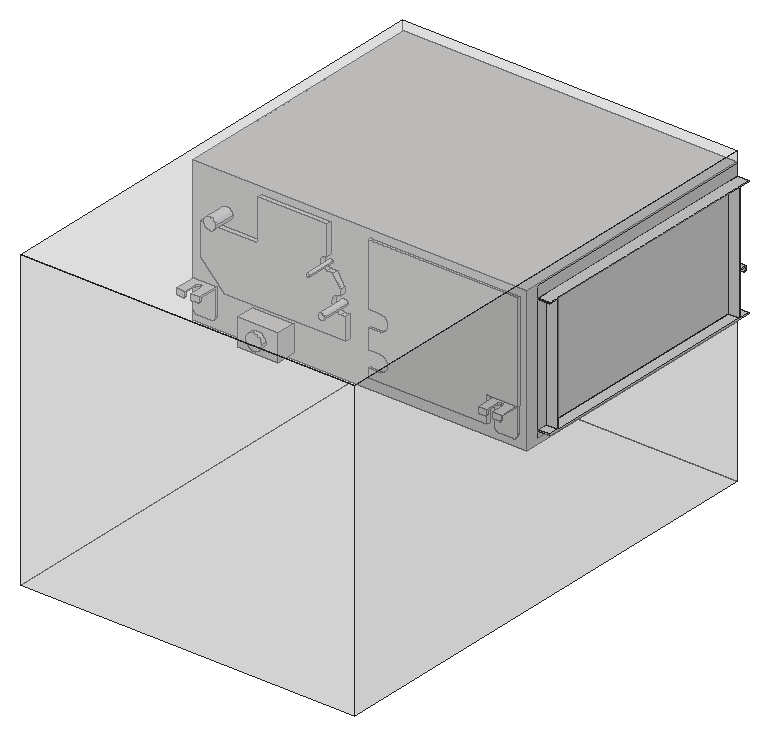
Revit family "outputfile", category 機械設備, Revit 2024
Family settings
  丸型コネクタ寸法 = 半径を使用
  パーツ タイプ = 標準
  OmniClass 番号 = 23.75.10.24.21.27.27
  OmniClass タイトル = Split System Air Conditioning Units
  作業面ベース = いいえ
  常に垂直 = はい
  ロード時にボイドで切り取り = いいえ
  注釈の向きを維持 = いいえ
  共有 = いいえ
  部屋計算ポイント = はい
Parameters (values of type "FXMQ20PAVS")
  Description = ""
  製造元 = "Daikin"
  書き出し IFC クラス(タイプ) = "IfcUnitaryEquipmentType"
  定義済み IFC タイプ(タイプ) = "AIRCONDITIONINGUNIT"
  Cost = 0
  モデル = "FXMQ20PAVS"
  Type Comments = ""
  Keynote = ""
  Type Image = (empty or 0)
  Assembly Code = ""
  r_Liquid Pipe Size = Liquid Pipe Size / 2  # 3.2 mm
  r_Gas Pipe Size = Gas Pipe Size / 2  # 6.35 mm
  r_Drain Pipe Size = Drain Pipe Size / 2  # 12.5 mm
  lw_power = 396.0 mm  # constant formula
  lh_SA = 165.0 mm  # constant formula
  lw_SA = if(Depth = 550.0 mm, 210.0 mm, if(Depth = 700.0 mm, 285.0 mm, if(Depth = 1000.0 mm, 435.0 mm, 635.0 mm)))  # 210.0 mm
  lw_RA = if(Depth = 550.0 mm, 288.0 mm, if(Depth = 700.0 mm, 363.0 mm, if(Depth = 1000.0 mm, 513.0 mm, 713.0 mm)))  # 288.0 mm
  lh_power = 60.0 mm + [h***]  # 60.0 mm
  lh_mountinghole1 = lh_mountinghole + [h***]  # 80.0 mm
  lh_RA = 150.0 mm  # constant formula
  ld_power = Depth / 2  # 275.0 mm
  Voltage_comment_50Hz = "220-240"
  Voltage_50Hz = 220 V
  URL = ""
  Supply Air Direction [instance] = yes
  Sound Power Level_H speed (dB) = 51
  Phase_50Hz = 1
  Minimum External Static Pressure = 30.00 Pa
  Minimum Circuit Amps_50Hz = 0.6 A
  Maximum Fuse Amps_50Hz = 16.0 A
  Maximum External Static Pressure = 100.00 Pa
  Material_Casing = DAIKIN_GalvanizedSteel_Casing_indoorunit
  lw_mountinghole = 631.0 mm  # constant formula
  lh_gaspipe = 144.0 mm + [h***]  # 144.0 mm
  lh_mountinghole = 80.0 mm  # constant formula
  lh_liquidpipe = 212.0 mm + [h***]  # 212.0 mm
  lh_drainpipe = 232.0 mm + [h***]  # 232.0 mm
  lh_antena = Height - lh_mountinghole + 1.0 mm  # 221.0 mm
  ld_drainpipe = Depth / 2 + 54.0 mm  # 329.0 mm
  ld_liquidpipe = 335.0 mm
  ld_gaspipe = 335.0 mm
  ld_mountinghole = Depth + 38.0 mm  # 588.0 mm
  h*** = 0.0 mm  # constant formula
  lw_liquidpipe = 290.0 mm  # constant formula
  lw_gaspipe = 318.0 mm  # constant formula
  lw_drainpipe = 80.0 mm  # constant formula
  Width = 700.0 mm
  Version = "ver.1.0"
  Unit Type = "Middle-High Static Pressure Duct Type"
  Unit Mass Weight = 25.00 kg
  Unit Designation [instance] = ""
  Uniclass2015Version = "Products v1.30"
  Uniclass2015Title = "Variable refrigerant flow units"
  Uniclass2015Code = "Pr_70_65_03_94"
  Total Heating Capacity [instance] = 0.000 kW
  Total Cooling Capacity [instance] = 0.000 kW
  Sound Pressure Level_M speed (dBA) = 0
  Sound Pressure Level_L speed (dBA) = 29
  Sound Pressure Level_H speed (dBA) = 33
  Series = "VRV Fan Coil Unit"
  Sensible Cooling Capacity [instance] = 0.000 kW
  SA Duct Size Width = if(Depth = 550.0 mm, 310.0 mm, if(Depth = 700.0 mm, 460.0 mm, if(Depth = 1000.0 mm, 760.0 mm, 1160.0 mm)))  # 310.0 mm
  SA Duct Size Height = 215.0 mm
  Refrigerant Type = "R410A"
  RA Duct Size Width = if(Depth = 550.0 mm, 475.0 mm, if(Depth = 700.0 mm, 625.0 mm, if(Depth = 1000.0 mm, 925.0 mm, 1325.0 mm)))  # 475.0 mm
  RA Duct Size Height = 247.0 mm
  Power Input (Heating) = 0.069 kW
  Power Input (Cooling) = 0.081 kW
  Option Accessory 3 [instance] = ""
  Option Accessory 2 [instance] = ""
  Option Accessory 1 [instance] = ""
  Nominal Heating Capacity = 2.500 kW
  Nominal Cooling Capacity = 2.200 kW
  Minimum Airflow = 390.00 m³/h
  Median Airflow = 450.00 m³/h
  Maximum Airflow = 540.00 m³/h
  Load Classification = HVAC
  Liquid Pipe Size = 6.4 mm
  Link_Nested Family [instance] = ""
  IfcVersion = "0"
  IfcExportType = "AIRCONDITIONINGUNIT"
  IfcExportAs = "IfcUnitaryEquipmentType"
  Height = 300.0 mm
  Heating Entering Wet Bulb Temperature [instance] = 0.00 °C
  Heating Entering Dry Bulb Temperature [instance] = 0.00 °C
  Heating Ambient Wet Bulb Temperature [instance] = 0.00 °C
  Heating Ambient Dry Bulb Temperature [instance] = 0.00 °C
  Heat Exchanger Type = "Cross Fin Coil"
  Gas Pipe Size = 12.7 mm
  Frequency_50Hz = 50 Hz
  Fan Type = "Sirocco Fan"
  Fan Drive = "Direct Drive"
  FCU Tag No. [instance] = ""
  Drain Pipe Size = 25.0 mm
  Design Supply Airflow [instance] = 0.00 m³/h
  Design Return Airflow [instance] = 0.00 m³/h
  Design External Static Pressure [instance] = 0.00 Pa
  Depth = 550.0 mm
  既定の高さ = 0.0 mm
  Cooling Entering Wet Bulb Temperature [instance] = 0.00 °C
  Cooling Entering Dry Bulb Temperature [instance] = 0.00 °C
  Cooling Ambient Wet Bulb Temperature [instance] = 0.00 °C
  Cooling Ambient Dry Bulb Temperature [instance] = 0.00 °C
  Clearance visibility [instance] = yes
  Clearance Top = 20.0 mm
  Clearance Right = 0.0 mm
  Clearance Rear = 0.0 mm
  Clearance Left = 0.0 mm
  Clearance Front = 450.0 mm
  Clearance Bottom = 300.0 mm
Reference planes
  plane 1 "Center (Front/Back)": y = 0
  plane 2 "h": z = 0
  plane 3 "Center (Left/Right)": x = 0
  plane 4 "Back": y = 275
  plane 5 "Front": y = -275
  plane 6 "Left": x = -350
  plane 7 "Reight": x = 350
  plane 8 "Top": z = 0
  plane 9 "Bottom": z = -300
  plane 10: y = -215
  plane 11: y = 275
  plane 12: y = -725
  plane 13: x = -350
  plane 14: x = 350
  plane 15: z = 20
  plane 16: z = -600
  plane 17: x = -350
  plane 18: z = -135
  plane 19: x = -349
  plane 20: x = 349
  plane 21: y = 65
  plane 22: y = 13
  plane 23: z = -150
  plane 24: y = -285.8
  plane 25: z = -14
  plane 26: z = -219
  plane 27: x = -324
  plane 28: x = -60
  plane 29: x = -20
  plane 30: z = -156
  plane 31: x = -32
  plane 32: z = -88
  plane 33: x = 23
  plane 34: x = 335
  plane 35: z = -15.8
  plane 36: z = -274.8
  plane 37: z = -219.8
  plane 38: x = 271
  plane 39: x = -223.3
  plane 40: x = -138.3
  plane 41: z = -232.7
  plane 42: z = -288.5
  plane 43: y = -316
  plane 44: x = -181
  plane 45: z = -260
  plane 46: y = -326
  plane 47: z = -163.8
  plane 48: z = -239.8
  plane 49: x = 46
  plane 50: z = -88
  plane 51: x = -60
  plane 52: y = -335
  plane 53: z = -156
  plane 54: x = -32
  plane 55: y = -329
  plane 56: z = -68
  plane 57: x = -270
  plane 58: x = -270
  plane 59: x = -60
  plane 60: x = -32
  plane 61: x = 46
  plane 62: x = -323
  plane 63: x = 308
  plane 64: y = -294
  plane 65: y = 294
  plane 66: z = -220
  plane 67: y = -281
  plane 68: x = -204
  plane 69: z = -100.2
  plane 70: x = -374
  plane 71: x = 374
Forms (mm)
  Extrusion 1, solid, material "DAIKIN_GalvanizedSteel_Casing_indoorunit" <- "Material_Casing"
    sketch origin (0, 0, 0) x (1, 0, 0) y (0, 1, 0)
      loop
        line (-349, 275) -> (-349, -275) -> (349, -275) -> (349, 275) -> (-349, 275)
    from -300 to 0
  Extrusion 2, solid, material "DAIKIN_GalvanizedSteel_Casing_indoorunit" <- "Material_Casing"
    sketch origin (0, 0, 0) x (1, 0, 0) y (0, 0, 1)
      loop
        line (-324, -100.2) -> (-324, -168) -> (-273, -219) -> (-20, -219) -> (-20, -173.5) -> (-32, -173.5)
        arc (-32, -173.5) -> (-49.5, -156) -> (-32, -138.5) r 17.5
        line (-32, -138.5) -> (-32, -127.5) -> (-47, -101) -> (-60, -101)
        arc (-60, -101) -> (-73, -88) -> (-60, -75) r 13
        line (-60, -75) -> (-60, -14) -> (-204, -14) -> (-204, -100.2) -> (-324, -100.2)
    from 275 to 285.8
  Extrusion 3, solid, material "DAIKIN_GalvanizedSteel_Casing_indoorunit" <- "Material_Casing"
    sketch origin (0, 0, 0) x (1, 0, 0) y (0, 0, 1)
      loop
        line (23, -274.8) -> (271, -274.8) -> (271, -219.8) -> (335, -219.8) -> (335, -15.8) -> (23, -15.8) -> (23, -146.3) -> (46, -146.3)
        arc (46, -146.3) -> (63.5, -163.8) -> (46, -181.3) r 17.5
        line (46, -181.3) -> (23, -181.3) -> (23, -222.3) -> (46, -222.3)
        arc (46, -222.3) -> (63.5, -239.8) -> (46, -257.3) r 17.5
        line (46, -257.3) -> (23, -257.3) -> (23, -274.8)
    from 275 to 281
  Extrusion 4, solid, material "DAIKIN_GalvanizedSteel_Casing_indoorunit" <- "Material_Casing"
    sketch origin (0, 0, 0) x (1, 0, 0) y (0, 0, 1)
      loop
        line (-223.3, -232.7) -> (-223.3, -288.5) -> (-138.3, -288.5) -> (-138.3, -232.7) -> (-223.3, -232.7)
    from 275 to 316
  Extrusion 5, solid, material "DAIKIN_GalvanizedSteel_Casing_indoorunit" <- "Material_Casing"
    sketch origin (0, 0, 0) x (1, 0, 0) y (0, 0, 1)
      loop
        circle (-181, -260) r 16.5
    from 316 to 326
  Extrusion 6, solid
    sketch origin (0, 0, 0) x (1, 0, 0) y (0, 0, 1)
      loop
        circle (-60, -88) r 3.2
    from 275 to 335
  Extrusion 7, solid
    sketch origin (0, 0, 0) x (1, 0, 0) y (0, 0, 1)
      loop
        circle (-32, -156) r 6.35
    from 275 to 335
  Extrusion 8, solid
    sketch origin (0, 0, 0) x (1, 0, 0) y (0, 0, 1)
      loop
        circle (-270, -68) r 12.5
    from 285.8 to 329
Dimensions and locks
  "Height": plane 8 "Top" to plane 9 "Bottom"
  equal spacing: plane 4 "Back", plane 1 "Center (Front/Back)", plane 5 "Front"
  "Depth": plane 4 "Back" to plane 5 "Front"
  equal spacing: plane 6 "Left", plane 3 "Center (Left/Right)", plane 7 "Reight"
  "Width": plane 6 "Left" to plane 7 "Reight"
  "Clearance Left": plane 13 to plane 6 "Left"
  "Clearance Right": plane 7 "Reight" to plane 14
  "Clearance Rear": plane 11 to plane 4 "Back"
  "Clearance Front": plane 5 "Front" to plane 12
  "Clearance Top": plane 15 to plane 8 "Top"
  "Clearance Bottom": plane 9 "Bottom" to plane 16
  "lh_SA": plane 18 to plane 9 "Bottom"
  locked: plane 17 to plane 19 at 1
  locked: plane 20 to plane 14 at 1
  "lw_SA": plane 11 to plane 21
  "lw_RA": plane 22 to plane 5 "Front"
  "lh_RA": plane 23 to plane 9 "Bottom"
  locked: plane 5 "Front" to plane 24 at 10.8
  plane 29 to plane 28 to plane 27 to plane 6 "Left" = 40.0 mm, 264.0 mm, 26.0 mm
  locked: plane 31 to plane 6 "Left" at 318
  plane 34 to plane 33 to plane 6 "Left" = 312.0 mm locked, 373.0 mm locked
  locked: plane 34 to plane 38 at 64
  locked: plane 37 to plane 36 at 55
  plane 40 to plane 39 to plane 6 "Left" = 85.0 mm locked, 126.7 mm locked
  locked: plane 5 "Front" to plane 43 at 41
  locked: plane 44 to plane 6 "Left" at 169
  locked: plane 43 to plane 46 at 10
  plane 47 to plane 48 to plane 36 = 76.0 mm locked, 35.0 mm locked
  locked: plane 49 to plane 33 at 23
  "lw_liquidpipe": plane 51 to plane 6 "Left"
  "lh_liquidpipe": plane 50 to plane 9 "Bottom"
  "lh_gaspipe": plane 53 to plane 9 "Bottom"
  "lw_gaspipe": plane 54 to plane 6 "Left"
  "ld_gaspipe": plane 52 to plane 1 "Center (Front/Back)"
  "ld_drainpipe": plane 55 to plane 1 "Center (Front/Back)"
  "lh_drainpipe": plane 56 to plane 9 "Bottom"
  "lw_drainpipe": plane 57 to plane 6 "Left"
  "lw_drainpipe": plane 6 "Left" to plane 58
  "lw_liquidpipe": plane 6 "Left" to plane 59
  "lw_gaspipe": plane 6 "Left" to plane 60
  "lw_power": plane 6 "Left" to plane 61
  plane 17 to plane 62 = 27.0 mm
  "lw_mountinghole": plane 62 to plane 63
  equal spacing: plane 64, plane 1 "Center (Front/Back)", plane 65
  "ld_mountinghole": plane 65 to plane 64
  "lh_mountinghole": plane 66 to plane 9 "Bottom"
  plane 8 "Top" to plane 41 to plane 42 = 232.7 mm locked, 55.8 mm locked
  locked: plane 8 "Top" to plane 45 at 260
  plane 8 "Top" to plane 25 to plane 26 = 14.0 mm locked, 205.0 mm locked
  plane 8 "Top" to plane 32 to plane 30 = 88.0 mm locked, 68.0 mm locked
  plane 8 "Top" to plane 35 to plane 36 = 15.8 mm locked, 259.0 mm locked
  locked: plane 5 "Front" to plane 67 at 6
  locked: plane 25 to plane 69 at 86.2
  locked: plane 27 to plane 68 at 120
  locked: plane 70 to plane 6 "Left" at 24
  locked: plane 14 to plane 71 at 24
  "r_Liquid Pipe Size": radius of Extrusion 6 sketch curve
  "r_Gas Pipe Size": radius of Extrusion 7 sketch curve
  "r_Drain Pipe Size": radius of Extrusion 8 sketch curve
  aligned and locked: level to plane 2 "h"
  aligned and locked: plane 8 "Top" to Extrusion 1
  aligned and locked: Extrusion 1 to plane 9 "Bottom"
  aligned and locked: nested 5 to plane 12
  aligned and locked: plane 13 to nested 5
  aligned and locked: plane 14 to nested 5
  aligned and locked: nested 5 to plane 13
  aligned and locked: plane 11 to nested 5
  aligned and locked: plane 15 to nested 5
  aligned and locked: plane 16 to nested 5
  aligned and locked: plane 5 "Front" to Extrusion 1 sketch curve
  aligned and locked: Extrusion 1 to plane 19
  aligned and locked: plane 20 to Extrusion 1
  aligned and locked: nested 7 to plane 19
  aligned and locked: nested 7 to plane 21
  aligned and locked: plane 18 to nested 7
  aligned and locked: plane 20 to nested 8
  aligned and locked: plane 22 to nested 8
  aligned and locked: plane 23 to nested 8
  aligned and locked: Extrusion 2 to plane 24
  aligned and locked: plane 5 "Front" to Extrusion 2
  aligned and locked: plane 36 to Extrusion 3 sketch curve
  aligned and locked: plane 38 to Extrusion 3 sketch curve
  aligned and locked: plane 37 to Extrusion 3 sketch curve
  aligned and locked: Extrusion 3 sketch curve to plane 34
  aligned and locked: Extrusion 3 sketch curve to plane 35
  aligned and locked: Extrusion 3 sketch curve to plane 33
  aligned and locked: plane 5 "Front" to Extrusion 3
  aligned and locked: Extrusion 4 sketch curve to plane 41
  aligned and locked: Extrusion 4 sketch curve to plane 39
  aligned and locked: plane 42 to Extrusion 4 sketch curve
  aligned and locked: plane 40 to Extrusion 4 sketch curve
  aligned and locked: Extrusion 4 to plane 43
  aligned and locked: plane 5 "Front" to Extrusion 4
  aligned and locked: Extrusion 5 sketch curve to plane 44
  aligned and locked: plane 45 to Extrusion 5 sketch curve
  aligned and locked: Extrusion 5 to plane 46
  aligned and locked: plane 43 to Extrusion 5
  aligned and locked: Extrusion 6 sketch curve to plane 51
  aligned and locked: plane 50 to Extrusion 6 sketch curve
  aligned and locked: Extrusion 6 to plane 52
  aligned and locked: plane 5 "Front" to Extrusion 6
  aligned and locked: Extrusion 7 sketch curve to plane 54
  aligned and locked: plane 53 to Extrusion 7 sketch curve
  aligned and locked: Extrusion 7 to Extrusion 6
  aligned and locked: plane 5 "Front" to Extrusion 7
  aligned and locked: Extrusion 8 sketch curve to plane 57
  aligned and locked: plane 56 to Extrusion 8 sketch curve
  aligned and locked: Extrusion 8 to plane 55
  aligned and locked: plane 24 to Extrusion 8
  aligned and locked: nested 3 to plane 55
  aligned and locked: plane 58 to nested 3
  aligned and locked: nested 2 to plane 59
  aligned and locked: nested 2 to plane 52
  aligned and locked: nested 1 to plane 60
  aligned and locked: Extrusion 7 to plane 52
  aligned and locked: nested 1 to plane 52
  aligned and locked: nested 6 to plane 5 "Front"
  aligned and locked: plane 61 to nested 6
  aligned and locked: plane 62 to nested 10
  aligned and locked: nested 10 to plane 5 "Front"
  aligned and locked: plane 63 to nested 9
  aligned and locked: nested 9 to plane 5 "Front"
  aligned and locked: nested 11 to plane 62
  aligned and locked: plane 4 "Back" to nested 11
  aligned and locked: nested 12 to plane 63
  aligned and locked: plane 4 "Back" to nested 12
  aligned and locked: plane 66 to nested 10
  aligned and locked: plane 66 to nested 11
  aligned and locked: plane 66 to nested 9
  aligned and locked: plane 66 to nested 12
  aligned and locked: plane 62 to nested 14
  aligned and locked: nested 14 to plane 65
  aligned and locked: plane 63 to nested 13
  aligned and locked: nested 13 to plane 65
  aligned and locked: plane 63 to nested 16
  aligned and locked: plane 64 to nested 16
  aligned and locked: plane 64 to nested 15
  aligned and locked: plane 62 to nested 15
  aligned and locked: Extrusion 3 to plane 67
  aligned and locked: Extrusion 2 sketch curve to plane 68
  aligned and locked: plane 69 to Extrusion 2 sketch curve
  aligned and locked: nested 17 to plane 21
  aligned and locked: nested 17 to plane 70
  aligned and locked: plane 18 to nested 17
  aligned and locked: plane 22 to nested 18
  aligned and locked: plane 71 to nested 18
  aligned and locked: nested 18 to plane 23
  aligned and locked: nested 4 to plane 3 "Center (Left/Right)"
  aligned and locked: plane 1 "Center (Front/Back)" to nested 4
  aligned and locked: level to plane 8 "Top"
Automatic sketch dimensions
  plane 6 "Left" to Extrusion 1 sketch curve = 1.0 mm
  Extrusion 1 sketch curve to plane 7 "Reight" = 1.0 mm
  Extrusion 1 sketch curve to plane 4 "Back" = 0.0 mm
  Extrusion 3 sketch curve to plane 33 = 0.0 mm  (x2)
  Extrusion 3 sketch curve to plane 47 = 0.0 mm
  Extrusion 3 sketch curve to plane 49 = 0.0 mm  (x4)
  Extrusion 3 sketch curve to plane 48 = 0.0 mm
  Extrusion 3 sketch curve to plane 37 = 2.5 mm
  plane 23 to Extrusion 3 sketch curve = 3.7 mm
  plane 27 to Extrusion 2 sketch curve = 0.0 mm
  Extrusion 2 sketch curve to plane 26 = 0.0 mm
  Extrusion 2 sketch curve to plane 28 = 0.0 mm
  Extrusion 2 sketch curve to plane 31 = 0.0 mm
  Extrusion 2 sketch curve to plane 29 = 0.0 mm
  Extrusion 2 sketch curve to plane 30 = 0.0 mm
  Extrusion 2 sketch curve to plane 32 = 0.0 mm
  Extrusion 2 sketch curve to plane 25 = 0.0 mm
  Extrusion 2 sketch curve to Extrusion 2 sketch curve = 13.0 mm
  Extrusion 2 sketch curve to Extrusion 2 sketch curve = 17.5 mm
  plane 18 to Extrusion 2 sketch curve = 7.5 mm
  Extrusion 2 sketch curve to plane 58 = 3.0 mm
  Extrusion 2 sketch curve to plane 30 = 12.0 mm
  Extrusion 2 sketch curve to Extrusion 2 sketch curve = 0.8 mm
  radius of Extrusion 5 sketch curve = 16.5 mm
Nested families
  nested 1: "daikin_connector_rotate2" at (-32, 0, -156), length <- "ld_gaspipe", built-in parameter 1001364 <- "lh_gaspipe", radius <- "r_Gas Pipe Size", type "daikin_connector_rotate2"
    with radius 6.35 mm, length 335.0 mm, angle_vertical 90.00°
  nested 2: "daikin_connector_rotate2" at (-60, 0, -88), length <- "ld_liquidpipe", built-in parameter 1001364 <- "lh_liquidpipe", radius <- "r_Liquid Pipe Size", type "daikin_connector_rotate2"
    with radius 3.2 mm, length 335.0 mm, angle_vertical 90.00°
  nested 3: "daikin_connector_rotate2" at (-270, 0, -68), length <- "ld_drainpipe", built-in parameter 1001364 <- "lh_drainpipe", radius <- "r_Drain Pipe Size", type "daikin_connector_rotate2"
    with radius 12.5 mm, length 329.0 mm, angle_vertical 90.00°
  nested 4: "daikin_△_symbolicline" at (0, 0, 300) x (0, -1, 0) z (0, 0, 1), built-in parameter 1001364 <- "Height", visible <- "Supply Air Direction", type "daikin_△_symbolicline"
    with length 200.0 mm
  nested 5: "daikin_clearancespace" at (0, -225, -289.881), visible <- "Clearance visibility", show <- "Clearance visibility", Link_Nested Family <- "Link_Nested Family", type "daikin_clearancespace"
    with width 700.0 mm, show yes, height 620.0 mm, depth 1000.0 mm, Link_Nested Family ""
  nested 6: "daikin_connector_rotate2" at (46, 0, -240), built-in parameter 1001364 <- "lh_power", length <- "ld_power", type "daikin_connector_rotate2"
    with radius 10.0 mm, length 275.0 mm, angle_vertical 90.00°
  nested 7: "daikin_ductflange_FXMQ-PAVS2" at (-349, 65, -135) x (0, -1, 0) z (0, 0, 1), type "daikin_ductflange_FXMQ-PAVS2"
  nested 8: "daikin_ductflange_FXMQ-PAVS" at (349, 13, -150) x (0, 1, 0) z (0, 0, 1), type "daikin_ductflange_FXMQ-PAVS"
  nested 9: "daikin_hangerfixture_FXMQ-PAVS" at (308, -275, -220), type "daikin_hangerfixture_FXMQ-PAVS"
  nested 10: "daikin_hangerfixture_FXMQ-PAVS" at (-323, -275, -220), type "daikin_hangerfixture_FXMQ-PAVS"
  nested 11: "daikin_hangerfixture_FXMQ-PAVS" at (-323, 275, -220) x (-1, 0, 0) z (0, 0, 1), type "daikin_hangerfixture_FXMQ-PAVS"
  nested 12: "daikin_hangerfixture_FXMQ-PAVS" at (308, 275, -220) x (-1, 0, 0) z (0, 0, 1), type "daikin_hangerfixture_FXMQ-PAVS"
  nested 13: "daikin_mountinghole" at (308, 294, -300), h_mountinghole <- "lh_mountinghole1", l_antenna <- "lh_antena", Link_Nested Family <- "Link_Nested Family", type "daikin_mountinghole"
    with show yes, l_antenna 221.0 mm, h_mountinghole 80.0 mm, Link_Nested Family ""
  nested 14: "daikin_mountinghole" at (-323, 294, -300), h_mountinghole <- "lh_mountinghole1", l_antenna <- "lh_antena", Link_Nested Family <- "Link_Nested Family", type "daikin_mountinghole"
    with show yes, l_antenna 221.0 mm, h_mountinghole 80.0 mm, Link_Nested Family ""
  nested 15: "daikin_mountinghole" at (-323, -294, -300), h_mountinghole <- "lh_mountinghole1", l_antenna <- "lh_antena", Link_Nested Family <- "Link_Nested Family", type "daikin_mountinghole"
    with show yes, l_antenna 221.0 mm, h_mountinghole 80.0 mm, Link_Nested Family ""
  nested 16: "daikin_mountinghole" at (308, -294, -300), h_mountinghole <- "lh_mountinghole1", l_antenna <- "lh_antena", Link_Nested Family <- "Link_Nested Family", type "daikin_mountinghole"
    with show yes, l_antenna 221.0 mm, h_mountinghole 80.0 mm, Link_Nested Family ""
  nested 17: "daikin_connector_rotate2" at (-350, 65, -135) x (0, -1, 0) z (0, 0, 1), type "daikin_connector_rotate2"
    with radius 10.0 mm, length 24.0 mm, angle_vertical 90.00°
  nested 18: "daikin_connector_rotate2" at (350, 13, -150) x (0, 1, 0) z (0, 0, 1), type "daikin_connector_rotate2"
    with radius 10.0 mm, length 24.0 mm, angle_vertical 90.00°
Connectors
  piping at (-270, -329, -68), diameter 25, driven by "r_Drain Pipe Size"
    settings: on nested 3, index 3, connector inside diameter 609.6 mm, connector length 0.0 mm, flow factor 0, pipe flow 0.00 m³/h, pressure drop 0.0 Pa, fitting loss kfactor 0, connector angle 0.00°, fixture units 0, engagement length 0.0 mm, angle of deflection 0.00°, flow configuration 1, flow direction 2, fitting loss method 4, system type 16, joint type 0, gender type 0, connector reference index -1, connector utility 0, adjustable connector no, is connector primary yes, connector description "Condensate Drain Piping"
  piping at (-32, -335, -156), diameter 12.7, driven by "r_Gas Pipe Size"
    settings: on nested 1, index 4, connector inside diameter 609.6 mm, connector length 0.0 mm, flow factor 0, pipe flow 0.00 m³/h, pressure drop 0.0 Pa, fitting loss kfactor 0, connector angle 0.00°, fixture units 0, engagement length 0.0 mm, angle of deflection 0.00°, flow configuration 1, flow direction 2, fitting loss method 0, system type 29, joint type 0, gender type 0, connector reference index -1, connector utility 0, adjustable connector no, is connector primary no, connector description "Refrigerant Gas Piping"
  piping at (-60, -335, -88), diameter 6.4, driven by "r_Liquid Pipe Size"
    settings: on nested 2, index 5, connector inside diameter 609.6 mm, connector length 0.0 mm, flow factor 0, pipe flow 0.00 m³/h, pressure drop 0.0 Pa, fitting loss kfactor 0, connector angle 0.00°, fixture units 0, engagement length 0.0 mm, angle of deflection 0.00°, flow configuration 1, flow direction 1, fitting loss method 0, system type 29, joint type 0, gender type 0, connector reference index -1, connector utility 0, adjustable connector no, is connector primary no, connector description "Refrigerant Liquid Piping"
  electrical at (46, -275, -240), driven by "Load Classification"
    settings: on nested 6, index 6, voltage 0 V, apparent load 0 VA, apparent load phase1 0 VA, apparent load phase2 0 VA, apparent load phase3 0 VA, power factor 1, load classification "HVAC", number of poles 1, system type 30, power factor state 1, is connector primary yes, connector utility no, sub classification motor no, connector description "Power Supply"
  hvac at (-374, 65, -135), driven by "SA Duct Size Height", driven by "SA Duct Size Width"
    settings: on nested 17, index 7, duct flow 0.00 m³/h, flow factor 0, pres drop 0.00 Pa, loss coef 0, conn angle 0.00°, conn width 310.0 mm, conn height 215.0 mm, conn diameter 609.6 mm, duct sys type 1, conn prof type 1, flow config 0, flow direction 2, loss method 4, conn ref index -1, conn util no, is conn primary yes, conn desc "SA Duct"
  hvac at (374, 13, -150), driven by "RA Duct Size Height", driven by "RA Duct Size Width"
    settings: on nested 18, index 8, duct flow 0.00 m³/h, flow factor 0, pres drop 0.00 Pa, loss coef 0, conn angle 0.00°, conn width 475.0 mm, conn height 247.0 mm, conn diameter 609.6 mm, duct sys type 2, conn prof type 1, flow config 0, flow direction 1, loss method 4, conn ref index -1, conn util no, is conn primary no, conn desc "RA Duct"
Definition of nested family "daikin_clearancespace"
  Parameters (values of type "daikin_clearancespace")
    width [instance] = 1823.963 mm
    show [instance] = yes
    material = none
    height [instance] = 1359.762 mm
    depth [instance] = 880.0 mm
    Default Elevation = 0.0 mm
    Link_Nested Family [instance] = ""
  Reference planes
    plane 1 "Center (Front/Back)": y = 0
    plane 2 "Center (Elevation)": z = -0.119
    plane 3 "Center (Left/Right)": x = 0
    plane 4: y = 440
    plane 5: y = -440
    plane 6 "Right": x = 911.982
    plane 7 "Left": x = -911.982
    plane 8 "Top": z = 679.762
    plane 9 "Bottom": z = -680
  Forms (mm)
    Extrusion 1, solid, material <- "material", visible <- "show"
      sketch origin (0, 0, 0) x (1, 0, 0) y (0, 1, 0)
        loop
          line (-911.982, 440) -> (-911.982, -440) -> (911.982, -440) -> (911.982, 440) -> (-911.982, 440)
      from -680 to 679.762
  Lines and regions (mm)
    symbolic lines, visible <- "show"
      curve 1: line (911.982, 440, 0) -> (-911.982, 440, 0)
      curve 2: line (-911.982, 440, 0) -> (-911.982, -440, 0)
      curve 3: line (-911.982, -440, 0) -> (911.982, -440, 0)
      curve 4: line (911.982, -440, 0) -> (911.982, 440, 0)
      curve 5: line (911.982, 0, 679.762) -> (-911.982, 0, 679.762)
      curve 6: line (911.982, 0, -680) -> (911.982, 0, 679.762)
      curve 7: line (-911.982, 0, -680) -> (911.982, 0, -680)
      curve 8: line (-911.982, 0, 679.762) -> (-911.982, 0, -680)
      curve 9: line (0, 440, 679.762) -> (0, -440, 679.762)
      curve 10: line (0, -440, 679.762) -> (0, -440, -680)
      curve 11: line (0, 440, -680) -> (0, 440, 679.762)
      curve 12: line (0, -440, -680) -> (0, 440, -680)
  Dimensions and locks
    "width": plane 7 "Left" to plane 6 "Right"
    "depth": plane 4 to plane 5
    "height": plane 8 "Top" to plane 9 "Bottom"
    equal spacing: plane 7 "Left", plane 3 "Center (Left/Right)", plane 6 "Right"
    equal spacing: plane 4, plane 1 "Center (Front/Back)", plane 5
    equal spacing: plane 8 "Top", plane 2 "Center (Elevation)", plane 9 "Bottom"
    aligned and locked: level to plane 2 "Center (Elevation)"
    aligned and locked: Extrusion 1 sketch curve to plane 4
    aligned and locked: plane 7 "Left" to Extrusion 1 sketch curve
    aligned and locked: Extrusion 1 sketch curve to plane 5
    aligned and locked: Extrusion 1 sketch curve to plane 6 "Right"
    aligned and locked: plane 8 "Top" to Extrusion 1
    aligned and locked: curve 1 to Extrusion 1
    aligned and locked: curve 2 to Extrusion 1
    aligned and locked: curve 3 to Extrusion 1
    aligned and locked: curve 4 to Extrusion 1
    aligned and locked: curve 5 to Extrusion 1
    aligned and locked: curve 6 to Extrusion 1
    aligned and locked: curve 7 to Extrusion 1
    aligned and locked: curve 8 to Extrusion 1
    aligned and locked: curve 9 to Extrusion 1
    aligned and locked: curve 10 to Extrusion 1
    aligned and locked: curve 11 to Extrusion 1
    aligned and locked: curve 12 to Extrusion 1
    aligned and locked: Extrusion 1 to plane 9 "Bottom"
Definition of nested family "daikin_ductflange_FXMQ-PAVS2"
  Parameters (values of type "daikin_ductflange_FXDSQ-AVM2")
    width = if(w = 550.0 mm, 310.0 mm, if(w = 700.0 mm, 460.0 mm, if(w = 1000.0 mm, 760.0 mm, 1160.0 mm)))  # 310.0 mm
    material = none
    height = 215.0 mm
    depth = 1.0 mm
    w = 550.0 mm
    Default Elevation = 0.0 mm
  Reference planes
    plane 1 "Center (Front/Back)": y = 0
    plane 2: z = 0
    plane 3 "Center (Left/Right)": x = 0
    plane 4: z = 107.5
    plane 5: z = -107.5
    plane 6: y = -25
    plane 7: z = 132.5
    plane 8: z = 108.5
    plane 9: y = -1
    plane 10: x = -177.5
    plane 11: x = 177.5
    plane 12: z = -132.5
    plane 13: z = -108.5
    plane 14: y = -1
    plane 15: x = 155
    plane 16: x = -155
    plane 17: x = 156
    plane 18: z = 106.5
    plane 19: z = -106.5
    plane 20: x = -156
    plane 21: z = 106.5
    plane 22: z = -106.5
    plane 23: y = -1
  Forms (mm)
    Extrusion 1, solid, material <- "material"
      sketch origin (0, 0, 0) x (0, 1, 0) y (0, 0, 1)
        loop
          line (-25, 107.5) -> (0, 107.5) -> (0, 132.5) -> (-1, 132.5) -> (-1, 108.5) -> (-25, 108.5) -> (-25, 107.5)
      from -177.5 to 177.5
    Extrusion 2, solid, material <- "material"
      sketch origin (0, 0, 0) x (0, 1, 0) y (0, 0, 1)
        loop
          line (-25, -107.5) -> (-25, -108.5) -> (-1, -108.5) -> (-1, -132.5) -> (0, -132.5) -> (0, -107.5) -> (-25, -107.5)
      from -177.5 to 177.5
    Extrusion 3, solid, material <- "material"
      sketch origin (0, 0, 0) x (1, 0, 0) y (0, 0, 1)
        loop
          line (155, 107.5) -> (155, -107.5) -> (177.5, -107.5) -> (177.5, -106.5) -> (156, -106.5) -> (156, 106.5) -> (177.5, 106.5) -> (177.5, 107.5) -> (155, 107.5)
      from 0 to 25
    Extrusion 4, solid, material <- "material"
      sketch origin (0, 0, 0) x (1, 0, 0) y (0, 0, 1)
        loop
          line (-177.5, 107.5) -> (-177.5, 106.5) -> (-156, 106.5) -> (-156, -106.5) -> (-177.5, -106.5) -> (-177.5, -107.5) -> (-155, -107.5) -> (-155, 107.5) -> (-177.5, 107.5)
      from 0 to 25
    Extrusion 5, solid, material <- "material"
      sketch origin (0, 0, 0) x (1, 0, 0) y (0, 0, 1)
        loop
          line (-177.5, 107.5) -> (-177.5, -107.5) -> (-155, -107.5) -> (-155, 107.5) -> (-177.5, 107.5)
        loop
          line (177.5, 107.5) -> (155, 107.5) -> (155, -107.5) -> (177.5, -107.5) -> (177.5, 107.5)
      from 0 to 1
  Cuts and joins
    joined: Extrusion 1, Extrusion 2, Extrusion 3, Extrusion 4, Extrusion 5
  Dimensions and locks
    plane 4 to level to plane 5 = 107.5 mm locked, 107.5 mm locked
    locked: plane 6 to plane 1 "Center (Front/Back)" at 25
    locked: plane 9 to plane 1 "Center (Front/Back)" at 1
    locked: plane 8 to plane 4 at 1
    locked: plane 11 to plane 15 at 22.5
    locked: plane 16 to plane 10 at 22.5
    locked: plane 17 to plane 15 at 1
    locked: plane 4 to plane 18 at 1
    locked: plane 19 to plane 5 at 1
    "width": plane 15 to plane 16
    plane 4 to plane 5 = 215.0 mm
    equal spacing: plane 15, plane 3 "Center (Left/Right)", plane 16
    locked: plane 16 to plane 20 at 1
    locked: plane 4 to plane 21 at 1
    locked: plane 22 to plane 5 at 1
    locked: plane 23 to plane 1 "Center (Front/Back)" at 1
    aligned and locked: level to plane 2
    aligned and locked: Extrusion 1 to plane 10
    aligned and locked: plane 11 to Extrusion 1
    aligned and locked: plane 5 to Extrusion 2
    aligned and locked: Extrusion 2 to plane 1 "Center (Front/Back)"
    aligned and locked: plane 15 to Extrusion 3 sketch curve
    aligned and locked: Extrusion 3 sketch curve to Extrusion 2  (x2)
    aligned and locked: Extrusion 3 sketch curve to plane 11
    aligned and locked: plane 6 to Extrusion 3
    aligned and locked: Extrusion 2 to plane 10
    aligned and locked: plane 11 to Extrusion 2
    aligned and locked: Extrusion 4 sketch curve to Extrusion 1  (x2)
    aligned and locked: plane 5 to Extrusion 4 sketch curve
    aligned and locked: Extrusion 4 sketch curve to plane 16
    aligned and locked: Extrusion 4 sketch curve to plane 22
    aligned and locked: plane 20 to Extrusion 4 sketch curve
    aligned and locked: plane 21 to Extrusion 4 sketch curve
    aligned and locked: Extrusion 4 to plane 1 "Center (Front/Back)"
    aligned and locked: plane 6 to Extrusion 4
    aligned and locked: Extrusion 5 sketch curve to Extrusion 1  (x4)
    aligned and locked: Extrusion 5 sketch curve to Extrusion 4  (x2)
    aligned and locked: Extrusion 5 sketch curve to Extrusion 3  (x2)
    aligned and locked: Extrusion 5 to plane 1 "Center (Front/Back)"
    aligned and locked: plane 23 to Extrusion 5
  Automatic sketch dimensions
    Extrusion 1 sketch curve to plane 6 = 0.0 mm
    Extrusion 1 sketch curve to plane 7 = 0.0 mm
    Extrusion 1 sketch curve to plane 9 = 0.0 mm
    Extrusion 1 sketch curve to plane 1 "Center (Front/Back)" = 0.0 mm
    Extrusion 1 sketch curve to plane 4 = 0.0 mm
    Extrusion 1 sketch curve to plane 8 = 0.0 mm
    Extrusion 2 sketch curve to plane 6 = 0.0 mm
    plane 12 to Extrusion 2 sketch curve = 0.0 mm
    Extrusion 2 sketch curve to plane 14 = 0.0 mm
    Extrusion 2 sketch curve to plane 1 "Center (Front/Back)" = 0.0 mm
    plane 13 to Extrusion 2 sketch curve = 0.0 mm
    Extrusion 2 sketch curve to plane 5 = 0.0 mm
    Extrusion 3 sketch curve to plane 17 = 0.0 mm
    Extrusion 3 sketch curve to plane 19 = 0.0 mm
    Extrusion 3 sketch curve to plane 18 = 0.0 mm
    Extrusion 3 sketch curve to plane 4 = 0.0 mm
    Extrusion 4 sketch curve to plane 10 = 0.0 mm
Definition of nested family "daikin_ductflange_FXMQ-PAVS"
  Parameters (values of type "daikin_ductflange_FXDSQ-AVM")
    width = if(w = 550.0 mm, 475.0 mm, if(w = 700.0 mm, 625.0 mm, if(w = 1000.0 mm, 925.0 mm, 1325.0 mm)))  # 475.0 mm
    material = none
    height = 247.0 mm
    depth = 1.0 mm
    w = 550.0 mm
    Default Elevation = 0.0 mm
  Reference planes
    plane 1 "Center (Front/Back)": y = 0
    plane 2: z = 0
    plane 3 "Center (Left/Right)": x = 0
    plane 4: z = 123.5
    plane 5: z = -123.5
    plane 6: y = -25
    plane 7: z = 146.5
    plane 8: z = 124.5
    plane 9: y = -1
    plane 10: x = -260
    plane 11: x = 260
    plane 12: z = -137
    plane 13: z = -124.5
    plane 14: y = -1
    plane 15: x = 237.5
    plane 16: x = -237.5
    plane 17: x = 238.5
    plane 18: z = 122.5
    plane 19: z = -122.5
    plane 20: x = -238.5
    plane 21: z = 122.5
    plane 22: z = -122.5
    plane 23: y = -1
  Forms (mm)
    Extrusion 1, solid, material <- "material"
      sketch origin (0, 0, 0) x (0, 1, 0) y (0, 0, 1)
        loop
          line (-25, 123.5) -> (0, 123.5) -> (0, 146.5) -> (-1, 146.5) -> (-1, 124.5) -> (-25, 124.5) -> (-25, 123.5)
      from -260 to 260
    Extrusion 2, solid, material <- "material"
      sketch origin (0, 0, 0) x (0, 1, 0) y (0, 0, 1)
        loop
          line (-25, -123.5) -> (-25, -124.5) -> (-1, -124.5) -> (-1, -137) -> (0, -137) -> (0, -123.5) -> (-25, -123.5)
      from -260 to 260
    Extrusion 3, solid, material <- "material"
      sketch origin (0, 0, 0) x (1, 0, 0) y (0, 0, 1)
        loop
          line (237.5, 123.5) -> (237.5, -123.5) -> (260, -123.5) -> (260, -122.5) -> (238.5, -122.5) -> (238.5, 122.5) -> (260, 122.5) -> (260, 123.5) -> (237.5, 123.5)
      from 0 to 25
    Extrusion 4, solid, material <- "material"
      sketch origin (0, 0, 0) x (1, 0, 0) y (0, 0, 1)
        loop
          line (-260, 123.5) -> (-260, 122.5) -> (-238.5, 122.5) -> (-238.5, -122.5) -> (-260, -122.5) -> (-260, -123.5) -> (-237.5, -123.5) -> (-237.5, 123.5) -> (-260, 123.5)
      from 0 to 25
    Extrusion 5, solid, material <- "material"
      sketch origin (0, 0, 0) x (1, 0, 0) y (0, 0, 1)
        loop
          line (-260, 123.5) -> (-260, -123.5) -> (-237.5, -123.5) -> (-237.5, 123.5) -> (-260, 123.5)
        loop
          line (260, 123.5) -> (237.5, 123.5) -> (237.5, -123.5) -> (260, -123.5) -> (260, 123.5)
      from 0 to 1
  Cuts and joins
    joined: Extrusion 1, Extrusion 2, Extrusion 3, Extrusion 4, Extrusion 5
  Dimensions and locks
    plane 4 to level to plane 5 = 123.5 mm, 123.5 mm
    locked: plane 6 to plane 1 "Center (Front/Back)" at 25
    locked: plane 9 to plane 1 "Center (Front/Back)" at 1
    locked: plane 8 to plane 4 at 1
    locked: plane 11 to plane 15 at 22.5
    locked: plane 16 to plane 10 at 22.5
    locked: plane 17 to plane 15 at 1
    locked: plane 4 to plane 18 at 1
    locked: plane 19 to plane 5 at 1
    "width": plane 15 to plane 16
    equal spacing: plane 15, plane 3 "Center (Left/Right)", plane 16
    locked: plane 16 to plane 20 at 1
    locked: plane 4 to plane 21 at 1
    locked: plane 22 to plane 5 at 1
    locked: plane 23 to plane 1 "Center (Front/Back)" at 1
    equal spacing: plane 4, level, plane 5
    locked: plane 7 to plane 4 at 23
    locked: plane 5 to plane 12 at 13.5
    locked: plane 1 "Center (Front/Back)" to plane 14 at 1
    locked: plane 5 to plane 13 at 1
    locked: plane 4 to plane 5 at 247
    aligned and locked: level to plane 2
    aligned and locked: Extrusion 1 to plane 10
    aligned and locked: plane 11 to Extrusion 1
    aligned and locked: plane 5 to Extrusion 2
    aligned and locked: Extrusion 2 to plane 1 "Center (Front/Back)"
    aligned and locked: plane 15 to Extrusion 3 sketch curve
    aligned and locked: Extrusion 3 sketch curve to Extrusion 2  (x2)
    aligned and locked: Extrusion 3 sketch curve to plane 11
    aligned and locked: plane 6 to Extrusion 3
    aligned and locked: Extrusion 2 to plane 10
    aligned and locked: plane 11 to Extrusion 2
    aligned and locked: Extrusion 4 sketch curve to Extrusion 1  (x2)
    aligned and locked: plane 5 to Extrusion 4 sketch curve
    aligned and locked: Extrusion 4 sketch curve to plane 16
    aligned and locked: Extrusion 4 sketch curve to plane 22
    aligned and locked: plane 20 to Extrusion 4 sketch curve
    aligned and locked: plane 21 to Extrusion 4 sketch curve
    aligned and locked: Extrusion 4 to plane 1 "Center (Front/Back)"
    aligned and locked: plane 6 to Extrusion 4
    aligned and locked: Extrusion 5 sketch curve to Extrusion 1  (x4)
    aligned and locked: Extrusion 5 sketch curve to Extrusion 4  (x2)
    aligned and locked: Extrusion 5 sketch curve to Extrusion 3  (x2)
    aligned and locked: Extrusion 5 to plane 1 "Center (Front/Back)"
    aligned and locked: plane 23 to Extrusion 5
  Automatic sketch dimensions
    Extrusion 1 sketch curve to plane 6 = 0.0 mm
    Extrusion 1 sketch curve to plane 7 = 0.0 mm
    Extrusion 1 sketch curve to plane 9 = 0.0 mm
    Extrusion 1 sketch curve to plane 1 "Center (Front/Back)" = 0.0 mm
    Extrusion 1 sketch curve to plane 4 = 0.0 mm
    Extrusion 1 sketch curve to plane 8 = 0.0 mm
    Extrusion 2 sketch curve to plane 6 = 0.0 mm
    plane 12 to Extrusion 2 sketch curve = 0.0 mm
    Extrusion 2 sketch curve to plane 14 = 0.0 mm
    Extrusion 2 sketch curve to plane 1 "Center (Front/Back)" = 0.0 mm
    plane 13 to Extrusion 2 sketch curve = 0.0 mm
    Extrusion 2 sketch curve to plane 5 = 0.0 mm
    Extrusion 3 sketch curve to plane 17 = 0.0 mm
    Extrusion 3 sketch curve to plane 19 = 0.0 mm
    Extrusion 3 sketch curve to plane 18 = 0.0 mm
    Extrusion 3 sketch curve to plane 4 = 0.0 mm
    Extrusion 4 sketch curve to plane 10 = 0.0 mm
Definition of nested family "daikin_hangerfixture_FXMQ-PAVS"
  Parameters (values of type "daikin_hangerfixture_FXMQ-PAVE")
    width = 48.0 mm
    material = none
    height = 65.0 mm
    depth = 45.0 mm
    Default Elevation = 0.0 mm
  Reference planes
    plane 1 "Center (Front/Back)": y = 0
    plane 2: z = 0
    plane 3 "Center (Left/Right)": x = 0
    plane 4: y = 417.146
    plane 5: y = -45
    plane 6: x = -24
    plane 7: x = 24
    plane 8: z = -2.3
    plane 9: z = -65
    plane 10: y = -2.3
    plane 11: z = -12
    plane 12: y = -42.7
  Forms (mm)
    Extrusion 1, solid, material <- "material"
      sketch origin (0, 0, 0) x (1, 0, 0) y (0, 1, 0)
        loop
          line (24, 0) -> (-24, 0) -> (-24, -45) -> (-6, -45) -> (-6, -19)
          arc (-6, -19) -> (0, -13) -> (6, -19) r 6
          line (6, -19) -> (6, -45) -> (24, -45) -> (24, 0)
      from 0 to -2.3
    Extrusion 2, solid, material <- "material"
      sketch origin (0, 0, 0) x (1, 0, 0) y (0, 0, 1)
        loop
          line (24, -55) -> (24, 0) -> (-24, 0) -> (-24, -55)
          arc (-24, -55) -> (-21.071, -62.071) -> (-14, -65) r 10
          line (-14, -65) -> (14, -65)
          arc (14, -65) -> (21.071, -62.071) -> (24, -55) r 10
      from 0 to 2.3
    Extrusion 3, solid, material <- "material"
      sketch origin (0, 0, 0) x (1, 0, 0) y (0, 0, 1)
        loop
          line (-6, -9) -> (-6, 0) -> (-24, 0) -> (-24, -9)
          arc (-24, -9) -> (-23.121, -11.121) -> (-21, -12) r 3
          line (-21, -12) -> (-9, -12)
          arc (-9, -12) -> (-6.879, -11.121) -> (-6, -9) r 3
        loop
          line (6, 0) -> (6, -9)
          arc (6, -9) -> (6.879, -11.121) -> (9, -12) r 3
          line (9, -12) -> (21, -12)
          arc (21, -12) -> (23.121, -11.121) -> (24, -9) r 3
          line (24, -9) -> (24, 0) -> (6, 0)
      from 42.7 to 45
  Cuts and joins
    joined: Extrusion 1, Extrusion 2, Extrusion 3
  Dimensions and locks
    "width": plane 6 to plane 7
    "depth": plane 5 to plane 1 "Center (Front/Back)"
    plane 2 to plane 8 = 2.3 mm
    "height": plane 2 to plane 9
    locked: plane 10 to plane 1 "Center (Front/Back)" at 2.3
    locked: plane 2 to plane 11 at 12
    locked: plane 12 to plane 5 at 2.3
    aligned and locked: level to plane 2
    aligned and locked: Extrusion 1 sketch curve to plane 1 "Center (Front/Back)"
    aligned and locked: plane 7 to Extrusion 1
    aligned and locked: Extrusion 1 to plane 6
    aligned and locked: Extrusion 1 to plane 5  (x2)
    aligned and locked: Extrusion 1 to plane 8
    aligned and locked: plane 2 to Extrusion 1
    aligned and locked: plane 2 to Extrusion 2 sketch curve
    aligned and locked: Extrusion 2 to plane 9
    aligned and locked: Extrusion 2 to plane 10
    aligned and locked: Extrusion 2 to plane 1 "Center (Front/Back)"
    aligned and locked: plane 2 to Extrusion 3 sketch curve  (x2)
    aligned and locked: Extrusion 3 to plane 11  (x2)
    aligned and locked: plane 12 to Extrusion 3
    aligned and locked: Extrusion 3 to plane 5
  Automatic sketch dimensions
    Extrusion 1 sketch curve to plane 6 = 0.0 mm
    Extrusion 1 sketch curve to plane 5 = 0.0 mm  (x2)
    Extrusion 1 sketch curve to plane 3 "Center (Left/Right)" = 0.0 mm
    Extrusion 1 sketch curve to plane 7 = 0.0 mm
    Extrusion 1 sketch curve to plane 3 "Center (Left/Right)" = 6.0 mm
    plane 1 "Center (Front/Back)" to Extrusion 1 sketch curve = 19.0 mm
    Extrusion 2 sketch curve to plane 7 = 0.0 mm
    Extrusion 2 sketch curve to plane 7 = 10.0 mm
    Extrusion 2 sketch curve to plane 8 = 52.7 mm
    plane 6 to Extrusion 2 sketch curve = 10.0 mm
    Extrusion 2 sketch curve to plane 6 = 0.0 mm
    Extrusion 3 sketch curve to plane 6 = 0.0 mm
    Extrusion 3 sketch curve to plane 7 = 0.0 mm
    Extrusion 3 sketch curve to Extrusion 3 sketch curve = 3.0 mm  (x2)
    Extrusion 3 sketch curve to plane 8 = 6.7 mm
    Extrusion 3 sketch curve to plane 3 "Center (Left/Right)" = 9.0 mm
    Extrusion 3 sketch curve to plane 3 "Center (Left/Right)" = 6.0 mm
    plane 3 "Center (Left/Right)" to Extrusion 3 sketch curve = 6.0 mm
    Extrusion 3 sketch curve to plane 7 = 3.0 mm
    Extrusion 3 sketch curve to plane 8 = 9.7 mm
Definition of nested family "daikin_connector_rotate2"
  Parameters (values of type "daikin_connector_rotate2")
    Default Elevation = 1219.2 mm
    show_face = no
    radius [instance] = 10.0 mm
    length [instance] = 600.0 mm
    d_surface = 10.0 mm
    angle_vertical [instance] = 90.00°
  Reference planes
    plane 1 "Center (Front/Back)": y = 0
    plane 2: z = 0
    plane 3 "Center (Left/Right)": x = 0
  Forms (mm)
    Extrusion 1, solid, visible <- "show_face"
      sketch origin (0, -600, 0) x (1, 0, 0) y (0, 0, 1)
        loop
          circle (0, 0) r 10
      from 0 to -10
  Lines and regions (mm)
    reference lines
      curve 1: line (0, 0, 0) -> (0, -600, 0)
    symbolic lines
      curve 2: circle (0, 0, 0) r 5 normal (0, 0, 1)
    model lines, visible <- "show_face"
      curve 3: line (0, 0, 0) -> (0, -600, 0)
  Dimensions and locks
    "length": curve 1 to curve 1
    "length": curve 3 to curve 3
    "d_surface": Extrusion 1 to Extrusion 1
    "radius": radius of Extrusion 1 sketch curve
    "angle_vertical": angle curve 1 to plane 1 "Center (Front/Back)"
    "angle_vertical": angle curve 3 to plane 1 "Center (Front/Back)"
    aligned and locked: level to plane 2
    aligned and locked: plane 1 "Center (Front/Back)" to curve 1
    aligned and locked: plane 2 to curve 1
    aligned and locked: plane 1 "Center (Front/Back)" to curve 2
    aligned and locked: plane 3 "Center (Left/Right)" to curve 2
    aligned and locked: plane 1 "Center (Front/Back)" to curve 3
    aligned and locked: plane 2 to curve 3
    aligned and locked: Extrusion 1 to Extrusion 1
  Automatic sketch dimensions
    Extrusion 1 sketch curve to level = 0.0 mm
    Extrusion 1 sketch curve to plane 3 "Center (Left/Right)" = 0.0 mm
    radius of curve 2 = 5.0 mm
Definition of nested family "daikin_△_symbolicline"
  Parameters (values of type "daikin_△_symbolicline")
    length [instance] = 200.0 mm
    Default Elevation = 0.0 mm
  Reference planes
    plane 1 "Center (Front/Back)": y = 0
    plane 2: z = 0
    plane 3 "Center (Left/Right)": x = 0
  Lines and regions (mm)
    symbolic lines
      curve 1: line (0, -173.205, 0) -> (100, 0, 0)
      curve 2: line (100, 0, 0) -> (-100, 0, 0)
      curve 3: line (-100, 0, 0) -> (0, -173.205, 0)
  Dimensions and locks
    equal spacing: curve 3, plane 3 "Center (Left/Right)", curve 2
    "length": curve 3 to curve 2
    "length": curve 3 to curve 3
    "length": curve 1 to curve 1
    aligned and locked: level to plane 2
    aligned and locked: curve 2 to plane 1 "Center (Front/Back)"
    aligned and locked: plane 3 "Center (Left/Right)" to curve 3
Definition of nested family "daikin_mountinghole"
  Parameters (values of type "daikin_mountinghole")
    Default Elevation = 1219.2 mm
    Type Comments = "mountinghole"
    show [instance] = yes
    material = none
    l_centerline = 100.0 mm
    l_antenna [instance] = 100.0 mm
    h_mountinghole [instance] = 0.0 mm
    d_circle = 30.0 mm
    Link_Nested Family [instance] = ""
  Reference planes
    plane 1 "Center (Front/Back)": y = 0
    plane 2: z = 0
    plane 3 "Center (Left/Right)": x = 0
    plane 4: y = 50
    plane 5: x = -50
    plane 6: x = 50
    plane 7: y = -50
    plane 8 "h_mountinghole": z = 0
    plane 9: z = 100
  Lines and regions (mm)
    model lines, detail levels fine
      curve 1: circle (0, 0, 0) r 15 normal (0, 0, 1)
      curve 2: line (-50, 0, 0) -> (50, 0, 0)
      curve 3: line (0, 50, 0) -> (0, -50, 0)
    symbolic lines, detail levels fine
      curve 4: circle (0, 0, 0) r 15 normal (0, 0, 1)
      curve 5: line (-50, 0, 0) -> (50, 0, 0)
      curve 6: line (0, 50, 0) -> (0, -50, 0)
    model lines
      curve 7: line (0, 0, 100) -> (0, 0, 0)
  Dimensions and locks
    equal spacing: plane 4, plane 1 "Center (Front/Back)", plane 7
    "l_centerline": plane 4 to plane 7
    equal spacing: plane 5, plane 3 "Center (Left/Right)", plane 6
    "l_centerline": plane 5 to plane 6
    "l_antenna": plane 9 to plane 8 "h_mountinghole"
    "h_mountinghole": plane 8 "h_mountinghole" to plane 2
    "d_circle": diameter of curve 1
    "d_circle": diameter of curve 4
    aligned and locked: level to plane 2
    aligned and locked: plane 1 "Center (Front/Back)" to curve 1
    aligned and locked: plane 3 "Center (Left/Right)" to curve 1
    aligned and locked: plane 1 "Center (Front/Back)" to curve 2
    aligned and locked: curve 3 to plane 3 "Center (Left/Right)"
    aligned and locked: plane 6 to curve 2
    aligned and locked: plane 5 to curve 2
    aligned and locked: plane 4 to curve 3
    aligned and locked: plane 7 to curve 3
    aligned and locked: plane 1 "Center (Front/Back)" to curve 4
    aligned and locked: plane 3 "Center (Left/Right)" to curve 4
    aligned and locked: plane 6 to curve 5
    aligned and locked: plane 5 to curve 5
    aligned and locked: plane 1 "Center (Front/Back)" to curve 5
    aligned and locked: plane 4 to curve 6
    aligned and locked: plane 7 to curve 6
    aligned and locked: curve 6 to plane 3 "Center (Left/Right)"
    aligned and locked: curve 7 to plane 3 "Center (Left/Right)"
    aligned and locked: plane 9 to curve 7
    aligned and locked: plane 8 "h_mountinghole" to curve 7
